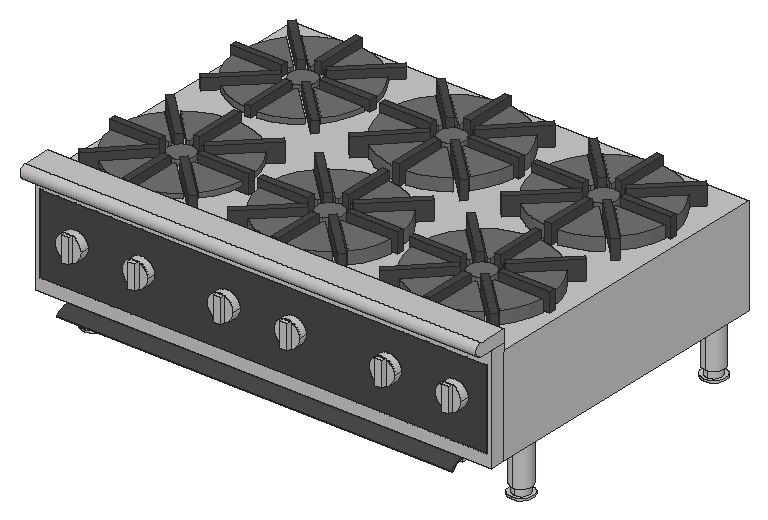
Revit family "QF_Vollrath_40738", category Specialty Equipment, Revit 2016 (continued)
Automatic sketch dimensions
  curve 332 to curve 333 = 0' - 0"  (x2)
  curve 332 to curve 334 = 0' - 0"  (x2)
  curve 332 to curve 335 = 0' - 0"  (x2)
  curve 332 to curve 336 = 0' - 0"  (x2)
  curve 332 to curve 337 = 0' - 0"  (x2)
  curve 332 to curve 338 = 0' - 0"  (x2)
  curve 332 to curve 339 = 0' - 0"  (x2)
  curve 332 to curve 349 = 0' - 0"  (x2)
  curve 332 to curve 350 = 0' - 0"  (x2)
  curve 332 to curve 356 = 0' - 0"  (x2)
  curve 332 to curve 358 = 0' - 0"  (x2)
  curve 332 to curve 366 = 0' - 0"  (x2)
  curve 332 to curve 376 = 0' - 0"  (x2)
  curve 332 to curve 382 = 0' - 0"  (x2)
  curve 332 to curve 388 = 0' - 0"  (x2)
  curve 332 to curve 395 = 0' - 0"  (x2)
  curve 332 to curve 396 = 0' - 0"  (x2)
  curve 333 to curve 334 = 0' - 0"  (x2)
  curve 333 to curve 335 = 0' - 0"  (x2)
  curve 333 to curve 336 = 0' - 0"  (x2)
  curve 333 to curve 337 = 0' - 0"  (x2)
  curve 333 to curve 338 = 0' - 0"  (x2)
  curve 333 to curve 339 = 0' - 0"  (x2)
  curve 333 to curve 349 = 0' - 0"  (x2)
  curve 333 to curve 350 = 0' - 0"  (x2)
  curve 333 to curve 356 = 0' - 0"  (x2)
  curve 333 to curve 358 = 0' - 0"  (x2)
  curve 333 to curve 366 = 0' - 0"  (x2)
  curve 333 to curve 376 = 0' - 0"  (x2)
  curve 333 to curve 382 = 0' - 0"  (x2)
  curve 333 to curve 388 = 0' - 0"  (x2)
  curve 333 to curve 395 = 0' - 0"  (x2)
  curve 333 to curve 396 = 0' - 0"  (x2)
  curve 334 to curve 335 = 0' - 0"  (x2)
  curve 334 to curve 336 = 0' - 0"  (x2)
  curve 334 to curve 337 = 0' - 0"  (x2)
  curve 334 to curve 338 = 0' - 0"  (x2)
  curve 334 to curve 339 = 0' - 0"  (x2)
  curve 334 to curve 349 = 0' - 0"  (x2)
  curve 334 to curve 350 = 0' - 0"  (x2)
  curve 334 to curve 356 = 0' - 0"  (x2)
  curve 334 to curve 358 = 0' - 0"  (x2)
  curve 334 to curve 366 = 0' - 0"  (x2)
  curve 334 to curve 376 = 0' - 0"  (x2)
  curve 334 to curve 382 = 0' - 0"  (x2)
  curve 334 to curve 388 = 0' - 0"  (x2)
  curve 334 to curve 395 = 0' - 0"  (x2)
  curve 334 to curve 396 = 0' - 0"  (x2)
  curve 335 to curve 336 = 0' - 0"  (x2)
  curve 335 to curve 337 = 0' - 0"  (x2)
  curve 335 to curve 338 = 0' - 0"  (x2)
  curve 335 to curve 339 = 0' - 0"  (x2)
  curve 335 to curve 349 = 0' - 0"  (x2)
  curve 335 to curve 350 = 0' - 0"  (x2)
  curve 335 to curve 356 = 0' - 0"  (x2)
  curve 335 to curve 358 = 0' - 0"  (x2)
  curve 335 to curve 366 = 0' - 0"  (x2)
  curve 335 to curve 376 = 0' - 0"  (x2)
  curve 335 to curve 382 = 0' - 0"  (x2)
  curve 335 to curve 388 = 0' - 0"  (x2)
  curve 335 to curve 395 = 0' - 0"  (x2)
  curve 335 to curve 396 = 0' - 0"  (x2)
  curve 336 to curve 337 = 0' - 0"  (x2)
  curve 336 to curve 338 = 0' - 0"  (x2)
  curve 336 to curve 339 = 0' - 0"  (x2)
  curve 336 to curve 349 = 0' - 0"  (x2)
  curve 336 to curve 350 = 0' - 0"  (x2)
  curve 336 to curve 356 = 0' - 0"  (x2)
  curve 336 to curve 358 = 0' - 0"  (x2)
  curve 336 to curve 366 = 0' - 0"  (x2)
  curve 336 to curve 376 = 0' - 0"  (x2)
  curve 336 to curve 382 = 0' - 0"  (x2)
  curve 336 to curve 388 = 0' - 0"  (x2)
  curve 336 to curve 395 = 0' - 0"  (x2)
  curve 336 to curve 396 = 0' - 0"  (x2)
  curve 337 to curve 338 = 0' - 0"  (x2)
  curve 337 to curve 339 = 0' - 0"  (x2)
  curve 337 to curve 349 = 0' - 0"  (x2)
  curve 337 to curve 350 = 0' - 0"  (x2)
  curve 337 to curve 356 = 0' - 0"  (x2)
  curve 337 to curve 358 = 0' - 0"  (x2)
  curve 337 to curve 366 = 0' - 0"  (x2)
  curve 337 to curve 376 = 0' - 0"  (x2)
  curve 337 to curve 382 = 0' - 0"  (x2)
  curve 337 to curve 388 = 0' - 0"  (x2)
  curve 337 to curve 395 = 0' - 0"  (x2)
  curve 337 to curve 396 = 0' - 0"  (x2)
  curve 338 to curve 339 = 0' - 0"  (x2)
  curve 338 to curve 349 = 0' - 0"  (x2)
  curve 338 to curve 350 = 0' - 0"  (x2)
  curve 338 to curve 356 = 0' - 0"  (x2)
  curve 338 to curve 358 = 0' - 0"  (x2)
  curve 338 to curve 366 = 0' - 0"  (x2)
  curve 338 to curve 376 = 0' - 0"  (x2)
  curve 338 to curve 382 = 0' - 0"  (x2)
  curve 338 to curve 388 = 0' - 0"  (x2)
  curve 338 to curve 395 = 0' - 0"  (x2)
  curve 338 to curve 396 = 0' - 0"  (x2)
  curve 339 to curve 349 = 0' - 0"  (x2)
  curve 339 to curve 350 = 0' - 0"  (x2)
  curve 339 to curve 356 = 0' - 0"  (x2)
  curve 339 to curve 358 = 0' - 0"  (x2)
  curve 339 to curve 366 = 0' - 0"  (x2)
  curve 339 to curve 376 = 0' - 0"  (x2)
  curve 339 to curve 382 = 0' - 0"  (x2)
  curve 339 to curve 388 = 0' - 0"  (x2)
  curve 339 to curve 395 = 0' - 0"  (x2)
  curve 339 to curve 396 = 0' - 0"  (x2)
  curve 349 to curve 350 = 0' - 0"  (x2)
  curve 349 to curve 356 = 0' - 0"  (x2)
  curve 349 to curve 358 = 0' - 0"  (x2)
  curve 349 to curve 366 = 0' - 0"  (x2)
  curve 349 to curve 376 = 0' - 0"  (x2)
  curve 349 to curve 382 = 0' - 0"  (x2)
  curve 349 to curve 388 = 0' - 0"  (x2)
  curve 349 to curve 395 = 0' - 0"  (x2)
  curve 349 to curve 396 = 0' - 0"  (x2)
  curve 350 to curve 356 = 0' - 0"  (x2)
  curve 350 to curve 358 = 0' - 0"  (x2)
  curve 350 to curve 366 = 0' - 0"  (x2)
  curve 350 to curve 376 = 0' - 0"  (x2)
  curve 350 to curve 382 = 0' - 0"  (x2)
  curve 350 to curve 388 = 0' - 0"  (x2)
  curve 350 to curve 395 = 0' - 0"  (x2)
  curve 350 to curve 396 = 0' - 0"  (x2)
  curve 356 to curve 358 = 0' - 0"  (x2)
  curve 356 to curve 366 = 0' - 0"  (x2)
  curve 356 to curve 376 = 0' - 0"  (x2)
  curve 356 to curve 382 = 0' - 0"  (x2)
  curve 356 to curve 388 = 0' - 0"  (x2)
  curve 356 to curve 395 = 0' - 0"  (x2)
  curve 356 to curve 396 = 0' - 0"  (x2)
  curve 358 to curve 366 = 0' - 0"  (x2)
  curve 358 to curve 376 = 0' - 0"  (x2)
  curve 358 to curve 382 = 0' - 0"  (x2)
  curve 358 to curve 388 = 0' - 0"  (x2)
  curve 358 to curve 395 = 0' - 0"  (x2)
  curve 358 to curve 396 = 0' - 0"  (x2)
  curve 366 to curve 376 = 0' - 0"  (x2)
  curve 366 to curve 382 = 0' - 0"  (x2)
  curve 366 to curve 388 = 0' - 0"  (x2)
  curve 366 to curve 395 = 0' - 0"  (x2)
  curve 366 to curve 396 = 0' - 0"  (x2)
  curve 376 to curve 382 = 0' - 0"  (x2)
  curve 376 to curve 388 = 0' - 0"  (x2)
  curve 376 to curve 395 = 0' - 0"  (x2)
  curve 376 to curve 396 = 0' - 0"  (x2)
  curve 382 to curve 388 = 0' - 0"  (x2)
  curve 382 to curve 395 = 0' - 0"  (x2)
  curve 382 to curve 396 = 0' - 0"  (x2)
  curve 388 to curve 395 = 0' - 0"  (x2)
  curve 388 to curve 396 = 0' - 0"  (x2)
  curve 395 to curve 396 = 0' - 0"  (x2)
  curve 1 to plane 4 "LEFT CLEARANCE" = 0' - 0"
  curve 1 to plane 7 "FRONT" = 0' - 0"
  curve 403 to plane 7 "FRONT" = 0' - 0"
  curve 5 to plane 5 "RIGHT CLEARANCE" = 0' - 0"
  curve 5 to plane 7 "FRONT" = 0' - 0"
  curve 406 to plane 9 "LEFT" = 0' - 0"
  curve 402 to plane 10 "RIGHT" = 0' - 0"
  curve 407 to plane 11 "BACK" = 0' - 0"
  curve 3 to plane 6 "BACK CLEARANCE" = 0' - 0"
  curve 3 to plane 10 "RIGHT" = 0' - 0"
  curve 3 to plane 9 "LEFT" = 0' - 0"
  curve 403 to curve 406 = 0' - 1.95401"
  plane 7 "FRONT" to curve 255 = 0' - 3.0514"
  plane 7 "FRONT" to curve 385 = 0' - 3.0514"
  curve 328 to plane 15 = 0' - 0.00674"
  plane 7 "FRONT" to curve 328 = 0' - 3.0514"
  curve 384 to curve 379 = 0' - 0 5/16"
  curve 320 to curve 271 = 0' - 0 5/16"
  curve 254 to curve 207 = 0' - 0 5/16"
  curve 385 to curve 336 = 0' - 0 5/16"
  curve 255 to curve 206 = 0' - 0 5/16"
  curve 319 to curve 272 = 0' - 0 5/16"
  curve 272 to curve 329 = 0' - 0.51055"
  curve 271 to curve 327 = 0' - 0.51055"
  plane 10 "RIGHT" to curve 260 = 0' - 1.91987"
  curve 402 to curve 260 = 0' - 1.92044"
  plane 14 to curve 394 = 0' - 0.62769"
  curve 402 to curve 394 = 0' - 1.92044"
  plane 16 to curve 392 = 0' - 0.64116"
  curve 392 to curve 287 = 0' - 0"
  curve 222 to plane 68 = 0' - 0.93334"
  curve 325 to curve 222 = 0' - 0"
  plane 16 to curve 391 = 0' - 0.99471"
  curve 390 to curve 391 = 0' - 0.35355"
  plane 68 to curve 326 = 0' - 2.06632"
  curve 325 to curve 326 = 0' - 0.35355"
  curve 264 to plane 68 = 0' - 0.57979"
  curve 222 to curve 264 = 0' - 0.35355"
  plane 14 to curve 394 = 0' - 0.98124"
  curve 352 to curve 394 = 0' - 0.35355"
  plane 10 "RIGHT" to curve 262 = 0' - 1.56632"
  curve 260 to curve 262 = 0' - 0.35355"
  plane 16 to curve 329 = 0' - 3.39082"
  curve 287 to curve 329 = 0' - 0.35355"
  curve 222 to curve 207 = 0' - 0.65528"
  curve 287 to curve 272 = 0' - 0.65528"
  curve 260 to curve 206 = 0' - 0.65528"
  curve 336 to plane 16 = 0' - 0.36767"
  curve 390 to curve 336 = 0' - 0.65528"
  curve 325 to curve 271 = 0' - 0.65528"
  curve 380 to plane 14 = 0' - 0.38114"
  curve 352 to curve 380 = 0' - 0.65528"
  plane 14 to curve 353 = 0' - 0.32597"
  curve 380 to curve 353 = 0' - 0.70711"
  curve 206 to curve 205 = 0' - 0.70711"
  curve 250 to curve 208 = 0' - 0.70711"
  curve 271 to curve 313 = 0' - 0.70711"
  curve 315 to curve 273 = 0' - 0.70711"
  plane 16 to curve 378 = 0' - 0.33944"
  curve 336 to curve 378 = 0' - 0.70711"
  curve 206 to curve 253 = 0' - 3 11/16"
  curve 271 to curve 320 = 0' - 3 11/16"
  curve 336 to curve 383 = 0' - 3 11/16"
  curve 253 to curve 256 = 0' - 0.0858"
  curve 318 to curve 323 = 0' - 0.0858"
  curve 318 to curve 317 = 0' - 0.0858"
  curve 383 to curve 382 = 0' - 0.0858"
  curve 383 to curve 386 = 0' - 0.0858"
  curve 253 to curve 249 = 0' - 0.0858"
  plane 15 to curve 315 = 0' - 0.8897"
  curve 317 to curve 315 = 0' - 0.06066"
  curve 252 to curve 252 = 0' - 0.06066"
  curve 386 to curve 388 = 0' - 0.06066"
  plane 10 "RIGHT" to curve 257 = 0' - 5.59683"
  curve 256 to curve 257 = 0' - 0.06066"
  curve 380 to plane 14 = 0' - 3.04927"
  curve 382 to curve 380 = 0' - 0.06066"
  curve 323 to curve 323 = 0' - 0.06066"
  curve 251 to plane 68 = 0' - 4.43352"
  plane 10 "RIGHT" to curve 259 = 0' - 5.42005"
  curve 389 to plane 16 = 0' - 2.85902"
  plane 15 to curve 316 = 0' - 1.06648"
  curve 317 to curve 316 = 0' - 0.17678"
  curve 324 to plane 15 = 0' - 0.57995"
  curve 323 to curve 324 = 0' - 0.17678"
  curve 352 to plane 14 = 0' - 2.87249"
  curve 318 to curve 284 = 0' - 0 1/2"
  curve 253 to curve 219 = 0' - 0 1/2"
  curve 383 to curve 350 = 0' - 0 1/2"
  curve 286 to curve 331 = 0' - 0.17678"
  curve 259 to curve 265 = 0' - 0.17678"
  curve 353 to plane 14 = 0' - 2.34216"
  curve 351 to curve 353 = 0' - 0.17678"
  curve 389 to curve 395 = 0' - 0.17678"
  curve 324 to curve 330 = 0' - 0.17678"
  curve 223 to plane 68 = 0' - 3.90319"
  curve 221 to curve 223 = 0' - 0.17678"
  curve 208 to plane 68 = 0' - 0.06924"
  curve 208 to curve 208 = 0' - 2.81456"
  curve 273 to curve 281 = 0' - 2.81456"
  curve 395 to curve 395 = 0' - 0.14644"
  plane 10 "RIGHT" to curve 205 = 0' - 1.05576"
  curve 205 to curve 205 = 0' - 2.81456"
  plane 9 "LEFT" to curve 346 = 0' - 0.81924"
  curve 338 to curve 346 = 0' - 2.81456"
  curve 270 to curve 216 = 0' - 0"
  curve 338 to curve 355 = 0' - 0 1/4"
  curve 208 to curve 218 = 0' - 0 1/4"
  curve 205 to curve 243 = 0' - 0 1/4"
  curve 273 to curve 283 = 0' - 0 1/4"
  curve 335 to curve 373 = 0' - 0 1/4"
  curve 330 to curve 310 = 0' - 0 1/4"
  plane 15 to curve 301 = 0' - 0.24326"
  curve 284 to curve 301 = 0' - 1"
  curve 219 to curve 252 = 0' - 1"
  curve 283 to curve 289 = 0' - 0 1/2"
  curve 373 to curve 372 = 0' - 0 1/2"
  curve 243 to curve 242 = 0' - 0 1/2"
  plane 68 to curve 225 = 0' - 0.24326"
  curve 218 to curve 225 = 0' - 0 1/2"
  curve 309 to curve 310 = 0' - 0 1/2"
  curve 348 to curve 347 = 0' - 0 1/2"
  curve 242 to curve 204 = 0' - 0 1/4"
  curve 347 to curve 356 = 0' - 0 1/4"
  curve 282 to curve 279 = 0' - 0 1/4"
  curve 214 to plane 68 = 0' - 0.06924"
  curve 217 to curve 214 = 0' - 0 1/4"
  curve 307 to curve 306 = 0' - 0 1/4"
  curve 372 to curve 371 = 0' - 0 1/4"
  curve 291 to curve 291 = 0' - 0.14644"
  curve 376 to curve 376 = 0' - 0.14644"
  curve 226 to curve 226 = 0' - 0.14644"
  plane 10 "RIGHT" to curve 240 = 0' - 4.88972"
  curve 246 to curve 240 = 0' - 0.14644"
  curve 311 to curve 311 = 0' - 0.14644"
  curve 356 to curve 356 = 0' - 0.14644"
  curve 226 to curve 210 = 0' - 0.17678"
  curve 357 to plane 14 = 0' - 2.51894"
  curve 356 to curve 357 = 0' - 0.17678"
  curve 246 to curve 237 = 0' - 0.17678"
  curve 303 to plane 15 = 0' - 0.9335"
  curve 311 to curve 303 = 0' - 0.17678"
  plane 15 to curve 275 = 0' - 1.42003"
  curve 291 to curve 275 = 0' - 0.17678"
  curve 367 to plane 16 = 0' - 2.50547"
  curve 376 to curve 367 = 0' - 0.17678"
  curve 365 to plane 16 = 0' - 2.85902"
  curve 367 to curve 365 = 0' - 0.35355"
  plane 15 to curve 292 = 0' - 1.06648"
  curve 275 to curve 292 = 0' - 0.35355"
  curve 227 to plane 68 = 0' - 4.43352"
  curve 210 to curve 227 = 0' - 0.35355"
  plane 10 "RIGHT" to curve 235 = 0' - 5.42005"
  curve 237 to curve 235 = 0' - 0.35355"
  curve 300 to plane 15 = 0' - 0.57995"
  curve 302 to curve 300 = 0' - 0.35355"
  curve 357 to plane 14 = 0' - 2.87249"
  curve 340 to curve 357 = 0' - 0.35355"
  plane 15 to curve 278 = 0' - 0.8897"
  curve 276 to curve 278 = 0' - 0.17678"
  curve 365 to curve 366 = 0' - 0.17678"
  plane 10 "RIGHT" to curve 234 = 0' - 5.59683"
  curve 235 to curve 234 = 0' - 0.17678"
  curve 300 to curve 301 = 0' - 0.17678"
  curve 341 to curve 358 = 0' - 0.17678"
  curve 213 to plane 68 = 0' - 4.6103"
  curve 211 to curve 213 = 0' - 0.17678"
  curve 228 to curve 212 = 0' - 0.06066"
  curve 358 to curve 342 = 0' - 0.06066"
  curve 293 to curve 277 = 0' - 0.06066"
  curve 236 to curve 236 = 0' - 0.06066"
  curve 301 to curve 301 = 0' - 0.06066"
  curve 366 to curve 366 = 0' - 0.06066"
  curve 293 to curve 295 = 0' - 0.0858"
  curve 228 to curve 230 = 0' - 0.0858"
  curve 358 to curve 359 = 0' - 0.0858"
  plane 10 "RIGHT" to curve 240 = 0' - 2.22159"
  curve 204 to curve 240 = 0' - 2.81456"
  plane 16 to curve 370 = 0' - 0.33944"
  curve 334 to curve 370 = 0' - 2.81456"
  curve 269 to curve 269 = 0' - 2.81456"
  plane 14 to curve 345 = 0' - 0.32597"
  curve 339 to curve 345 = 0' - 2.81456"
  curve 274 to curve 274 = 0' - 2.81456"
  curve 209 to plane 68 = 0' - 1.23507"
  curve 209 to curve 209 = 0' - 2.81456"
  curve 213 to plane 68 = 0' - 1.94217"
  curve 209 to curve 213 = 0' - 0.70711"
  plane 10 "RIGHT" to curve 234 = 0' - 2.9287"
  curve 204 to curve 234 = 0' - 0.70711"
  curve 299 to plane 15 = 0' - 3.0713"
  curve 269 to curve 299 = 0' - 0.70711"
  curve 343 to plane 14 = 0' - 0.38114"
  curve 339 to curve 343 = 0' - 0.70711"
  curve 274 to curve 267 = 0' - 0.70711"
  curve 364 to plane 16 = 0' - 0.36767"
  curve 334 to curve 364 = 0' - 0.70711"
  plane 14 to curve 397 = 0' - 0.98124"
  plane 10 "RIGHT" to curve 238 = 0' - 1.56632"
  curve 240 to curve 238 = 0' - 1.00883"
  curve 399 to plane 68 = 0' - 0.57979"
  curve 215 to curve 399 = 0' - 1.00883"
  plane 16 to curve 275 = 0' - 3.39082"
  plane 16 to curve 369 = 0' - 0.99471"
  plane 68 to curve 304 = 0' - 2.06632"
  curve 332 to curve 332 = 0' - 1.16583"
  curve 268 to plane 15 = 0' - 0.25674"
  curve 267 to curve 298 = 0' - 0"
  curve 342 to curve 333 = 0' - 0"
  curve 202 to curve 232 = 0' - 0 5/16"
  curve 267 to curve 295 = 0' - 0 5/16"
  curve 333 to curve 361 = 0' - 0 5/16"
  curve 231 to curve 190 = 0' - 1"
  plane 15 to curve 124 = 0' - 0.49326"
  curve 295 to curve 124 = 0' - 1"
  curve 360 to curve 67 = 0' - 1"
  curve 189 to curve 184 = 0' - 0 5/16"
  curve 58 to curve 11 = 0' - 0 5/16"
  curve 124 to curve 119 = 0' - 0 5/16"
  curve 125 to curve 76 = 0' - 0 5/16"
  curve 59 to curve 10 = 0' - 0 5/16"
  curve 190 to curve 191 = 0' - 0 5/16"
  plane 16 to curve 66 = 0' - 0.64116"
  curve 365 to curve 66 = 0' - 2.64611"
  curve 199 to plane 68 = 0' - 0.93334"
  curve 211 to curve 199 = 0' - 2.64611"
  plane 14 to curve 68 = 0' - 0.62769"
  curve 341 to curve 68 = 0' - 2.64611"
  plane 10 "RIGHT" to curve 195 = 0' - 1.91987"
  curve 235 to curve 195 = 0' - 2.64611"
  plane 68 to curve 130 = 0' - 2.41987"
  curve 300 to curve 130 = 0' - 2.64611"
  plane 16 to curve 92 = 0' - 3.74438"
  curve 276 to curve 92 = 0' - 2.64611"
  curve 199 to plane 68 = 0' - 0.57979"
  curve 157 to curve 199 = 0' - 0.35355"
  plane 68 to curve 132 = 0' - 2.06632"
  curve 130 to curve 132 = 0' - 0.35355"
  plane 16 to curve 65 = 0' - 0.99471"
  curve 64 to curve 65 = 0' - 0.35355"
  plane 16 to curve 91 = 0' - 3.39082"
  curve 92 to curve 91 = 0' - 0.35355"
  plane 10 "RIGHT" to curve 196 = 0' - 1.56632"
  curve 195 to curve 196 = 0' - 0.35355"
  plane 14 to curve 25 = 0' - 0.98124"
  curve 26 to curve 25 = 0' - 0.35355"
  curve 11 to plane 14 = 0' - 0.38114"
  curve 26 to curve 11 = 0' - 0.65528"
  curve 195 to curve 141 = 0' - 0.65528"
  curve 157 to curve 142 = 0' - 0.65528"
  curve 127 to plane 15 = 0' - 3.0713"
  curve 130 to curve 127 = 0' - 0.65528"
  curve 10 to plane 16 = 0' - 0.36767"
  curve 64 to curve 10 = 0' - 0.65528"
  plane 15 to curve 120 = 0' - 3.55783"
  curve 92 to curve 120 = 0' - 0.65528"
  plane 14 to curve 27 = 0' - 0.32597"
  curve 54 to curve 27 = 0' - 0.70711"
  curve 76 to curve 75 = 0' - 0.70711"
  plane 10 "RIGHT" to curve 183 = 0' - 2.22159"
  curve 192 to curve 183 = 0' - 0.70711"
  plane 16 to curve 93 = 0' - 4.0461"
  curve 120 to curve 93 = 0' - 0.70711"
  curve 158 to plane 68 = 0' - 1.23507"
  curve 185 to curve 158 = 0' - 0.70711"
  plane 16 to curve 52 = 0' - 0.33944"
  curve 10 to curve 52 = 0' - 0.70711"
  curve 10 to curve 59 = 0' - 3 11/16"
  curve 123 to plane 15 = 0' - 0.00674"
  curve 76 to curve 123 = 0' - 3 11/16"
  curve 184 to curve 188 = 0' - 3 11/16"
  curve 57 to curve 56 = 0' - 0.0858"
  curve 188 to curve 191 = 0' - 0.0858"
  curve 123 to curve 119 = 0' - 0.0858"
  curve 188 to curve 184 = 0' - 0.0858"
  curve 57 to curve 62 = 0' - 0.0858"
  curve 123 to curve 128 = 0' - 0.0858"
  curve 127 to plane 15 = 0' - 0.40317"
  curve 126 to curve 127 = 0' - 0.06066"
  curve 191 to curve 193 = 0' - 0.06066"
  curve 54 to plane 14 = 0' - 3.04927"
  curve 53 to curve 54 = 0' - 0.06066"
  plane 15 to curve 120 = 0' - 0.8897"
  curve 122 to curve 120 = 0' - 0.06066"
  curve 61 to plane 16 = 0' - 3.0358"
  curve 62 to curve 61 = 0' - 0.06066"
  curve 187 to curve 187 = 0' - 0.06066"
  curve 55 to plane 14 = 0' - 2.87249"
  plane 15 to curve 121 = 0' - 1.06648"
  plane 10 "RIGHT" to curve 194 = 0' - 5.42005"
  curve 186 to plane 68 = 0' - 4.43352"
  curve 63 to plane 16 = 0' - 2.85902"
  curve 129 to plane 15 = 0' - 0.57995"
  curve 123 to curve 90 = 0' - 0 1/2"
  curve 188 to curve 154 = 0' - 0 1/2"
  curve 57 to curve 24 = 0' - 0 1/2"
  curve 156 to curve 158 = 0' - 0.17678"  (x2)
  curve 91 to curve 136 = 0' - 0.17678"  (x2)
  curve 194 to curve 183 = 0' - 0.17678"
  curve 129 to curve 135 = 0' - 0.17678"
  curve 63 to curve 69 = 0' - 0.17678"
  curve 27 to plane 14 = 0' - 2.34216"
  curve 25 to curve 27 = 0' - 0.17678"
  curve 69 to curve 51 = 0' - 0.14644"
  curve 143 to plane 68 = 0' - 0.06924"
  curve 143 to curve 143 = 0' - 2.81456"
  curve 200 to curve 182 = 0' - 0.14644"
  curve 9 to curve 78 = 0' - 0"
  curve 75 to curve 151 = 0' - 0"
  plane 9 "LEFT" to curve 12 = 0' - 0.81924"
  curve 136 to curve 88 = 0' - 0 1/4"
  curve 12 to curve 22 = 0' - 0 1/4"
  curve 75 to curve 113 = 0' - 0 1/4"
  curve 69 to curve 49 = 0' - 0 1/4"
  curve 200 to curve 180 = 0' - 0 1/4"
  curve 143 to curve 160 = 0' - 0 1/4"
  curve 154 to curve 137 = 0' - 1"
  plane 68 to curve 152 = 0' - 0.24326"
  curve 153 to curve 152 = 0' - 0 1/2"
  curve 22 to curve 21 = 0' - 0 1/2"
  curve 178 to curve 177 = 0' - 0 1/2"
  curve 88 to curve 87 = 0' - 0 1/2"
  curve 47 to curve 46 = 0' - 0 1/2"
  curve 113 to curve 112 = 0' - 0 1/2"
  curve 144 to plane 68 = 0' - 0.06924"
  curve 152 to curve 144 = 0' - 0 1/4"
  curve 112 to curve 116 = 0' - 0 1/4"
  curve 46 to curve 50 = 0' - 0 1/4"
  curve 87 to curve 96 = 0' - 0 1/4"
  curve 21 to curve 30 = 0' - 0 1/4"
  curve 177 to curve 176 = 0' - 0 1/4"
  curve 116 to curve 116 = 0' - 0.14644"
  curve 96 to curve 96 = 0' - 0.14644"
  curve 176 to curve 181 = 0' - 0.14644"
  curve 161 to curve 150 = 0' - 0.14644"
  curve 19 to plane 14 = 0' - 2.34216"
  curve 30 to curve 19 = 0' - 0.14644"
  curve 44 to plane 16 = 0' - 2.32869"
  curve 50 to curve 44 = 0' - 0.14644"
  curve 107 to plane 15 = 0' - 0.9335"
  curve 116 to curve 107 = 0' - 0.17678"
  curve 161 to curve 145 = 0' - 0.17678"
  plane 15 to curve 80 = 0' - 1.42003"
  curve 96 to curve 80 = 0' - 0.17678"
  curve 30 to curve 31 = 0' - 0.17678"
  curve 50 to curve 41 = 0' - 0.17678"
  curve 181 to curve 173 = 0' - 0.17678"
  curve 15 to plane 14 = 0' - 2.87249"
  curve 14 to curve 15 = 0' - 0.35355"
  curve 172 to curve 170 = 0' - 0.35355"
  plane 15 to curve 97 = 0' - 1.06648"
  curve 80 to curve 97 = 0' - 0.35355"
  curve 145 to curve 146 = 0' - 0.35355"
  curve 41 to plane 16 = 0' - 2.85902"
  curve 41 to curve 41 = 0' - 0.35355"
  curve 105 to plane 15 = 0' - 0.57995"
  curve 107 to curve 105 = 0' - 0.35355"
  curve 39 to curve 38 = 0' - 0.17678"
  curve 15 to curve 32 = 0' - 0.17678"
  curve 105 to curve 106 = 0' - 0.17678"
  curve 170 to curve 171 = 0' - 0.17678"
  curve 146 to curve 148 = 0' - 0.17678"
  plane 15 to curve 83 = 0' - 0.8897"
  curve 81 to curve 83 = 0' - 0.17678"
  curve 98 to curve 82 = 0' - 0.06066"
  curve 32 to curve 32 = 0' - 0.06066"
  curve 148 to curve 147 = 0' - 0.06066"
  curve 38 to curve 40 = 0' - 0.06066"
  curve 106 to curve 106 = 0' - 0.06066"
  curve 171 to curve 168 = 0' - 0.06066"
  curve 147 to curve 165 = 0' - 0.0858"
  curve 101 to plane 15 = 0' - 0.00674"
  curve 106 to curve 101 = 0' - 0.0858"
  curve 37 to curve 35 = 0' - 0.0858"
  curve 144 to plane 68 = 0' - 1.23507"
  plane 14 to curve 19 = 0' - 0.32597"
  curve 13 to curve 19 = 0' - 2.81456"
  plane 16 to curve 44 = 0' - 0.33944"
  curve 8 to curve 44 = 0' - 2.81456"
  curve 74 to curve 110 = 0' - 2.81456"
  curve 79 to curve 85 = 0' - 2.81456"
  curve 139 to curve 139 = 0' - 2.81456"
  curve 139 to curve 169 = 0' - 0.70711"
  curve 7 to plane 16 = 0' - 0.36767"
  curve 8 to curve 7 = 0' - 0.70711"
  curve 79 to curve 83 = 0' - 0.70711"
  curve 74 to curve 73 = 0' - 0.70711"
  curve 144 to curve 148 = 0' - 0.70711"
  curve 17 to plane 14 = 0' - 0.38114"
  curve 13 to curve 17 = 0' - 0.70711"
  curve 85 to curve 401 = 0' - 1.00883"
  curve 400 to plane 68 = 0' - 0.57979"
  curve 150 to curve 400 = 0' - 1.00883"
  curve 175 to curve 173 = 0' - 1.00883"
  curve 44 to curve 42 = 0' - 1.00883"
  plane 68 to curve 109 = 0' - 2.06632"
  curve 19 to curve 71 = 0' - 1.00883"
  curve 82 to plane 11 "BACK" = 0' - 1.2611"
  curve 16 to plane 11 "BACK" = 0' - 1.2611"
  curve 73 to plane 15 = 0' - 0.25674"
  curve 82 to curve 73 = 0' - 0"
  curve 16 to curve 37 = 0' - 0"
  curve 138 to plane 11 "BACK" = 0' - 1.2611"
  curve 147 to curve 168 = 0' - 0"
  curve 138 to curve 166 = 0' - 0 5/16"
  curve 72 to curve 102 = 0' - 0 5/16"
  curve 6 to curve 36 = 0' - 0 5/16"
  curve 242 to curve 241 = 0' - 0 5/16"
  curve 179 to curve 140 = 0' - 0 5/16"
  curve 177 to curve 139 = 0' - 0 5/16"
  curve 174 to curve 175 = 0' - 0.65528"
  curve 173 to curve 174 = 0' - 0.35355"
  curve 139 to curve 138 = 0' - 0.70711"
  curve 183 to curve 192 = 0' - 0.70711"
  curve 180 to curve 172 = 0' - 0.32323"
  curve 245 to curve 259 = 0' - 0.32323"
  curve 179 to curve 182 = 0' - 0.0858"
  curve 177 to curve 181 = 0' - 0.0858"
  curve 244 to curve 265 = 0' - 0.0858"
  curve 171 to curve 164 = 0' - 0 1/4"
  curve 193 to curve 188 = 0' - 0 1/4"
  curve 203 to curve 232 = 0' - 0 1/4"
  curve 256 to curve 263 = 0' - 0 1/4"
  curve 190 to curve 198 = 0' - 0 1/2"
  curve 255 to curve 263 = 0' - 0 1/2"
  curve 229 to curve 228 = 0' - 0 1/4"
  curve 164 to curve 164 = 0' - 0 1/2"
  curve 189 to curve 184 = 0' - 0 1/4"
  curve 253 to curve 249 = 0' - 0 1/4"
  curve 164 to curve 163 = 0' - 0 1/4"
  curve 148 to curve 146 = 0' - 0.17678"
  curve 210 to curve 215 = 0' - 0.17678"
  curve 145 to curve 150 = 0' - 0.17678"
  curve 266 to curve 218 = 0' - 0.0858"
  curve 149 to curve 152 = 0' - 0.0858"
  curve 217 to curve 308 = 0' - 1"
  curve 153 to curve 114 = 0' - 1"
  curve 307 to curve 306 = 0' - 0 5/16"
  curve 112 to curve 74 = 0' - 0 5/16"
  curve 113 to curve 75 = 0' - 0 5/16"
  curve 308 to curve 270 = 0' - 0 5/16"
  curve 313 to curve 271 = 0' - 0.70711"
  curve 115 to curve 129 = 0' - 0.32323"
  curve 307 to curve 302 = 0' - 0.32323"
  curve 114 to curve 135 = 0' - 0.0858"
  curve 309 to curve 312 = 0' - 0.0858"
  curve 307 to curve 311 = 0' - 0.0858"
  curve 112 to curve 116 = 0' - 0.0858"
  curve 296 to plane 15 = 0' - 0.00674"
  curve 102 to curve 72 = 0' - 0 1/4"
  curve 328 to curve 272 = 0' - 0 1/4"
  curve 297 to curve 267 = 0' - 0 1/4"
  curve 286 to curve 288 = 0' - 0.17678"
  curve 80 to curve 96 = 0' - 0.17678"
  curve 275 to curve 291 = 0' - 0.17678"
  curve 84 to curve 94 = 0' - 0.0858"
  curve 331 to curve 283 = 0' - 0.0858"
  curve 83 to curve 79 = 0' - 0.70711"
  curve 278 to curve 274 = 0' - 0.70711"
  curve 315 to curve 288 = 0' - 0.70711"
  curve 273 to curve 283 = 0' - 0 5/16"
  curve 84 to curve 87 = 0' - 0 5/16"
  curve 47 to curve 45 = 0' - 0 5/16"
  curve 373 to curve 371 = 0' - 0 5/16"
  plane 16 to curve 42 = 0' - 0.99471"
  curve 375 to curve 389 = 0' - 0.32323"
  curve 48 to curve 63 = 0' - 0.32323"
  curve 48 to curve 69 = 0' - 0.0858"
  curve 374 to curve 377 = 0' - 0.0858"
  curve 372 to curve 376 = 0' - 0.0858"
  curve 7 to curve 36 = 0' - 0 1/4"
  curve 386 to curve 393 = 0' - 0 1/4"
  curve 60 to curve 59 = 0' - 0 1/4"
  curve 366 to curve 359 = 0' - 0 1/4"
  curve 359 to curve 358 = 0' - 0 1/4"
  curve 384 to curve 337 = 0' - 0 1/4"
  curve 58 to curve 11 = 0' - 0 1/4"
  curve 36 to curve 6 = 0' - 0 1/4"
  curve 14 to curve 30 = 0' - 0.17678"
  curve 340 to curve 356 = 0' - 0.17678"
  curve 344 to curve 354 = 0' - 0.0858"
  curve 18 to curve 21 = 0' - 0.0858"
  curve 18 to curve 21 = 0' - 0 5/16"
  curve 344 to curve 347 = 0' - 0 5/16"
  Extrusion 13 sketch curve to plane 4 "LEFT CLEARANCE" = 0' - 0"
  Extrusion 13 sketch curve to plane 7 "FRONT" = 0' - 0"
  Extrusion 13 sketch curve to plane 6 "BACK CLEARANCE" = 0' - 0"
  Extrusion 13 sketch curve to plane 9 "LEFT" = 0' - 0"
  Extrusion 14 sketch curve to plane 7 "FRONT" = 0' - 0"
  Extrusion 14 sketch curve to plane 6 "BACK CLEARANCE" = 0' - 0"
  Extrusion 14 sketch curve to plane 5 "RIGHT CLEARANCE" = 0' - 0"
  Extrusion 14 sketch curve to plane 10 "RIGHT" = 0' - 0"
  Extrusion 15 sketch curve to plane 9 "LEFT" = 0' - 0"
  Extrusion 15 sketch curve to plane 11 "BACK" = 0' - 0"
  Extrusion 15 sketch curve to plane 6 "BACK CLEARANCE" = 0' - 0"
  Extrusion 15 sketch curve to plane 10 "RIGHT" = 0' - 0"
  Extrusion 16 sketch curve to plane 20 = 0' - 0"
  Extrusion 16 sketch curve to plane 21 = 0' - 0"  (x2)
  plane 22 to Extrusion 16 sketch curve = 0' - 0"
  Extrusion 16 sketch curve to plane 22 = 0' - 0"
  Extrusion 16 sketch curve to plane 17 = 0' - 0"
  Extrusion 16 sketch curve to plane 18 = 0' - 0"
  Extrusion 16 sketch curve to plane 23 = 0' - 0"
  Extrusion 16 sketch curve to plane 24 = 0' - 0"  (x2)
  plane 23 to Extrusion 16 sketch curve = 0' - 0"
  Extrusion 16 sketch curve to plane 19 = 0' - 0"
  plane 16 to Extrusion 16 sketch curve = 0' - 0.64116"
  plane 14 to Extrusion 16 sketch curve = 0' - 0.62769"
  Extrusion 16 sketch curve to plane 18 = 0' - 0.82305"
  plane 17 to Extrusion 16 sketch curve = 0' - 0.82305"
  Extrusion 16 sketch curve to Extrusion 16 sketch curve = 0' - 4"
  Extrusion 16 sketch curve to plane 16 = 0' - 2.85902"  (x2)
  Extrusion 16 sketch curve to plane 14 = 0' - 2.87249"  (x2)
  Extrusion 16 sketch curve to Extrusion 16 sketch curve = 0' - 0.57321"  (x4)
  Extrusion 16 sketch curve to Extrusion 16 sketch curve = 0' - 0 1/2"  (x4)
  Extrusion 16 sketch curve to Extrusion 16 sketch curve = 0' - 0.35355"  (x2)
  Extrusion 16 sketch curve to Extrusion 16 sketch curve = 0' - 0.32323"  (x3)
  Extrusion 16 sketch curve to plane 16 = 0' - 3.43223"  (x2)
  Extrusion 17 sketch curve to Extrusion 17 sketch curve = 0' - 0"  (x275)
  plane 7 "FRONT" to Extrusion 17 sketch curve = 0' - 3.3639"
  Extrusion 17 sketch curve to plane 14 = 0' - 0.38114"  (x2)
  Extrusion 17 sketch curve to Extrusion 17 sketch curve = 0' - 1.16583"  (x2)
  Extrusion 17 sketch curve to plane 16 = 0' - 0.36767"  (x2)
  plane 14 to Extrusion 17 sketch curve = 0' - 0.32597"  (x2)
  Extrusion 17 sketch curve to Extrusion 17 sketch curve = 0' - 0.70711"  (x9)
  plane 16 to Extrusion 17 sketch curve = 0' - 0.33944"  (x2)
  Extrusion 17 sketch curve to Extrusion 17 sketch curve = 0' - 3.7733"
  Extrusion 17 sketch curve to Extrusion 17 sketch curve = 0' - 0.06066"  (x4)
  Extrusion 17 sketch curve to plane 16 = 0' - 3.0358"  (x2)
  Extrusion 17 sketch curve to plane 14 = 0' - 2.34216"
  Extrusion 17 sketch curve to plane 16 = 0' - 2.32869"  (x2)
  Extrusion 17 sketch curve to Extrusion 17 sketch curve = 0' - 0.14644"  (x4)
  Extrusion 17 sketch curve to Extrusion 17 sketch curve = 0' - 0 1/2"
  Extrusion 17 sketch curve to Extrusion 17 sketch curve = 0' - 1"  (x2)
  Extrusion 17 sketch curve to Extrusion 17 sketch curve = 0' - 2.81456"  (x2)
  Extrusion 18 sketch curve to plane 28 = 0' - 0"
  Extrusion 18 sketch curve to plane 29 = 0' - 0"  (x2)
  plane 30 to Extrusion 18 sketch curve = 0' - 0"
  Extrusion 18 sketch curve to plane 30 = 0' - 0"
  Extrusion 18 sketch curve to plane 25 = 0' - 0"
  Extrusion 18 sketch curve to plane 26 = 0' - 0"
  Extrusion 18 sketch curve to plane 31 = 0' - 0"
  Extrusion 18 sketch curve to plane 32 = 0' - 0"  (x2)
  plane 31 to Extrusion 18 sketch curve = 0' - 0"
  Extrusion 18 sketch curve to plane 27 = 0' - 0"
  plane 16 to Extrusion 18 sketch curve = 0' - 0.64116"
  plane 14 to Extrusion 18 sketch curve = 0' - 0.62769"
  Extrusion 18 sketch curve to plane 26 = 0' - 0.82305"
  plane 25 to Extrusion 18 sketch curve = 0' - 0.82305"
  Extrusion 18 sketch curve to Extrusion 18 sketch curve = 0' - 4"
  Extrusion 18 sketch curve to plane 16 = 0' - 2.85902"  (x2)
  Extrusion 18 sketch curve to plane 14 = 0' - 2.87249"  (x2)
  Extrusion 18 sketch curve to Extrusion 18 sketch curve = 0' - 0.57321"  (x4)
  Extrusion 18 sketch curve to Extrusion 18 sketch curve = 0' - 0 1/2"  (x4)
  Extrusion 18 sketch curve to Extrusion 18 sketch curve = 0' - 0.35355"  (x2)
  Extrusion 18 sketch curve to Extrusion 18 sketch curve = 0' - 0.32323"  (x3)
  Extrusion 18 sketch curve to plane 16 = 0' - 3.43223"  (x2)
  Extrusion 19 sketch curve to Extrusion 19 sketch curve = 0' - 0"  (x275)
  Extrusion 19 sketch curve to plane 14 = 0' - 3.1957"
  Extrusion 19 sketch curve to plane 11 "BACK" = 0' - 11.6361"
  Extrusion 19 sketch curve to plane 14 = 0' - 0.38114"  (x2)
  Extrusion 19 sketch curve to Extrusion 19 sketch curve = 0' - 1.16583"  (x2)
  Extrusion 19 sketch curve to plane 16 = 0' - 0.36767"  (x2)
  plane 14 to Extrusion 19 sketch curve = 0' - 0.32597"  (x2)
  Extrusion 19 sketch curve to Extrusion 19 sketch curve = 0' - 0.70711"  (x9)
  plane 16 to Extrusion 19 sketch curve = 0' - 0.33944"  (x2)
  Extrusion 19 sketch curve to Extrusion 19 sketch curve = 0' - 3.7733"
  Extrusion 19 sketch curve to Extrusion 19 sketch curve = 0' - 0.06066"  (x4)
  Extrusion 19 sketch curve to plane 16 = 0' - 3.0358"
  Extrusion 19 sketch curve to plane 14 = 0' - 2.34216"
  Extrusion 19 sketch curve to plane 16 = 0' - 2.32869"  (x2)
  Extrusion 19 sketch curve to Extrusion 19 sketch curve = 0' - 0.14644"  (x4)
  Extrusion 19 sketch curve to Extrusion 19 sketch curve = 0' - 1"  (x2)
  Extrusion 19 sketch curve to Extrusion 19 sketch curve = 0' - 2.81456"  (x2)
  Extrusion 19 sketch curve to plane 11 "BACK" = 0' - 1.2611"
  Extrusion 20 sketch curve to plane 36 = 0' - 0"
  Extrusion 20 sketch curve to plane 37 = 0' - 0"  (x2)
  plane 38 to Extrusion 20 sketch curve = 0' - 0"
  Extrusion 20 sketch curve to plane 38 = 0' - 0"
  Extrusion 20 sketch curve to plane 33 = 0' - 0"
  Extrusion 20 sketch curve to plane 34 = 0' - 0"
  Extrusion 20 sketch curve to plane 39 = 0' - 0"
  Extrusion 20 sketch curve to plane 40 = 0' - 0"  (x2)
  plane 39 to Extrusion 20 sketch curve = 0' - 0"
  Extrusion 20 sketch curve to plane 35 = 0' - 0"
  plane 36 to Extrusion 20 sketch curve = 0' - 0.82305"  (x2)
  Extrusion 20 sketch curve to plane 34 = 0' - 0.82305"
  plane 33 to Extrusion 20 sketch curve = 0' - 0.82305"
  Extrusion 20 sketch curve to plane 15 = 0' - 0.00674"  (x2)
  Extrusion 20 sketch curve to Extrusion 20 sketch curve = 0' - 4"
  Extrusion 20 sketch curve to plane 15 = 0' - 0.57995"  (x2)
  plane 15 to Extrusion 20 sketch curve = 0' - 1.06648"  (x2)
  Extrusion 20 sketch curve to Extrusion 20 sketch curve = 0' - 0.57321"  (x4)
  Extrusion 20 sketch curve to Extrusion 20 sketch curve = 0' - 0 1/2"  (x2)
  Extrusion 20 sketch curve to plane 15 = 0' - 0.9335"
  plane 15 to Extrusion 20 sketch curve = 0' - 1.42003"
  Extrusion 20 sketch curve to Extrusion 20 sketch curve = 0' - 0.32323"  (x3)
  plane 15 to Extrusion 20 sketch curve = 0' - 0.49326"  (x2)
  Extrusion 21 sketch curve to Extrusion 21 sketch curve = 0' - 0"  (x274)
  plane 15 to Extrusion 21 sketch curve = 0' - 0.74326"  (x2)
  plane 7 "FRONT" to Extrusion 21 sketch curve = 0' - 3.3639"
  Extrusion 21 sketch curve to plane 15 = 0' - 0.25674"
  plane 15 to Extrusion 21 sketch curve = 0' - 3.55783"  (x2)
  Extrusion 21 sketch curve to Extrusion 21 sketch curve = 0' - 1.16583"  (x2)
  Extrusion 21 sketch curve to Extrusion 21 sketch curve = 0' - 0.70711"  (x13)
  Extrusion 21 sketch curve to Extrusion 21 sketch curve = 0' - 3.7733"
  Extrusion 21 sketch curve to Extrusion 21 sketch curve = 0' - 0.06066"  (x4)
  Extrusion 21 sketch curve to plane 15 = 0' - 0.40317"  (x2)
  plane 15 to Extrusion 21 sketch curve = 0' - 1.59681"
  Extrusion 21 sketch curve to plane 15 = 0' - 1.11028"  (x2)
  Extrusion 21 sketch curve to Extrusion 21 sketch curve = 0' - 0.14644"  (x4)
  Extrusion 21 sketch curve to Extrusion 21 sketch curve = 0' - 1"  (x2)
  Extrusion 21 sketch curve to Extrusion 21 sketch curve = 0' - 2.81456"  (x2)
  Extrusion 21 sketch curve to plane 15 = 0' - 3.0713"
  Extrusion 22 sketch curve to plane 44 = 0' - 0"
  Extrusion 22 sketch curve to plane 45 = 0' - 0"  (x2)
  plane 46 to Extrusion 22 sketch curve = 0' - 0"
  Extrusion 22 sketch curve to plane 46 = 0' - 0"
  Extrusion 22 sketch curve to plane 41 = 0' - 0"
  Extrusion 22 sketch curve to plane 42 = 0' - 0"
  Extrusion 22 sketch curve to plane 47 = 0' - 0"
  Extrusion 22 sketch curve to plane 48 = 0' - 0"  (x2)
  plane 47 to Extrusion 22 sketch curve = 0' - 0"
  Extrusion 22 sketch curve to plane 43 = 0' - 0"
  plane 44 to Extrusion 22 sketch curve = 0' - 0.82305"  (x2)
  Extrusion 22 sketch curve to plane 42 = 0' - 0.82305"
  plane 41 to Extrusion 22 sketch curve = 0' - 0.82305"
  Extrusion 22 sketch curve to plane 15 = 0' - 0.00674"  (x2)
  Extrusion 22 sketch curve to Extrusion 22 sketch curve = 0' - 4"
  Extrusion 22 sketch curve to plane 15 = 0' - 0.57995"  (x2)
  plane 15 to Extrusion 22 sketch curve = 0' - 1.06648"  (x2)
  Extrusion 22 sketch curve to Extrusion 22 sketch curve = 0' - 0.57321"  (x4)
  Extrusion 22 sketch curve to Extrusion 22 sketch curve = 0' - 0 1/2"  (x2)
  Extrusion 22 sketch curve to plane 15 = 0' - 0.9335"
  plane 15 to Extrusion 22 sketch curve = 0' - 1.42003"
  Extrusion 22 sketch curve to Extrusion 22 sketch curve = 0' - 0.32323"  (x3)
  plane 15 to Extrusion 22 sketch curve = 0' - 0.49326"  (x2)
  Extrusion 23 sketch curve to Extrusion 23 sketch curve = 0' - 0"  (x276)
  plane 15 to Extrusion 23 sketch curve = 0' - 0.74326"  (x2)
  Extrusion 23 sketch curve to plane 11 "BACK" = 0' - 11.6361"
  Extrusion 23 sketch curve to plane 15 = 0' - 0.25674"
  plane 15 to Extrusion 23 sketch curve = 0' - 3.55783"
  Extrusion 23 sketch curve to Extrusion 23 sketch curve = 0' - 1.16583"  (x2)
  Extrusion 23 sketch curve to Extrusion 23 sketch curve = 0' - 0.70711"  (x11)
  plane 68 to Extrusion 23 sketch curve = 0' - 2.72159"
  Extrusion 23 sketch curve to Extrusion 23 sketch curve = 0' - 3.7733"
  Extrusion 23 sketch curve to Extrusion 23 sketch curve = 0' - 0.06066"  (x4)
  Extrusion 23 sketch curve to plane 15 = 0' - 0.40317"  (x2)
  plane 15 to Extrusion 23 sketch curve = 0' - 1.59681"
  Extrusion 23 sketch curve to plane 15 = 0' - 1.11028"  (x2)
  Extrusion 23 sketch curve to Extrusion 23 sketch curve = 0' - 0.14644"  (x4)
  Extrusion 23 sketch curve to Extrusion 23 sketch curve = 0' - 1"  (x2)
  Extrusion 23 sketch curve to Extrusion 23 sketch curve = 0' - 2.81456"  (x2)
  Extrusion 23 sketch curve to plane 11 "BACK" = 0' - 1.2611"
  Extrusion 24 sketch curve to plane 52 = 0' - 0"
  Extrusion 24 sketch curve to plane 53 = 0' - 0"  (x2)
  plane 54 to Extrusion 24 sketch curve = 0' - 0"
  Extrusion 24 sketch curve to plane 54 = 0' - 0"
  Extrusion 24 sketch curve to plane 49 = 0' - 0"
  Extrusion 24 sketch curve to plane 50 = 0' - 0"
  Extrusion 24 sketch curve to plane 55 = 0' - 0"
  Extrusion 24 sketch curve to plane 56 = 0' - 0"  (x2)
  plane 55 to Extrusion 24 sketch curve = 0' - 0"
  Extrusion 24 sketch curve to plane 51 = 0' - 0"
  plane 52 to Extrusion 24 sketch curve = 0' - 0.82305"  (x2)
  Extrusion 24 sketch curve to plane 68 = 0' - 0.57979"
  plane 49 to Extrusion 24 sketch curve = 0' - 0.82305"
  Extrusion 24 sketch curve to Extrusion 24 sketch curve = 0' - 4"
  Extrusion 24 sketch curve to Extrusion 24 sketch curve = 0' - 0.32323"  (x5)
  Extrusion 24 sketch curve to Extrusion 24 sketch curve = 0' - 0.57321"  (x4)
  Extrusion 24 sketch curve to Extrusion 24 sketch curve = 0' - 0 1/2"  (x4)
  Extrusion 24 sketch curve to Extrusion 24 sketch curve = 0' - 0.35355"  (x2)
  Extrusion 24 sketch curve to plane 50 = 0' - 0.82305"
  plane 10 "RIGHT" to Extrusion 24 sketch curve = 0' - 1.56632"
  Extrusion 24 sketch curve to Extrusion 24 sketch curve = 0' - 4.07339"  (x2)
  Extrusion 25 sketch curve to Extrusion 25 sketch curve = 0' - 0"  (x276)
  plane 7 "FRONT" to Extrusion 25 sketch curve = 0' - 3.3639"
  Extrusion 25 sketch curve to plane 68 = 0' - 1.94217"  (x2)
  Extrusion 25 sketch curve to Extrusion 25 sketch curve = 0' - 1.16583"  (x3)
  Extrusion 25 sketch curve to Extrusion 25 sketch curve = 0' - 0.70711"  (x13)
  Extrusion 25 sketch curve to Extrusion 25 sketch curve = 0' - 3.7733"
  Extrusion 25 sketch curve to Extrusion 25 sketch curve = 0' - 0.06066"  (x4)
  plane 10 "RIGHT" to Extrusion 25 sketch curve = 0' - 5.59683"
  Extrusion 25 sketch curve to Extrusion 25 sketch curve = 0' - 0.14644"  (x4)
  Extrusion 25 sketch curve to Extrusion 25 sketch curve = 0' - 0 1/2"
  Extrusion 25 sketch curve to Extrusion 25 sketch curve = 0' - 1"  (x2)
  Extrusion 25 sketch curve to plane 68 = 0' - 0.06924"
  Extrusion 25 sketch curve to plane 68 = 0' - 1.23507"
  Extrusion 25 sketch curve to Extrusion 25 sketch curve = 0' - 2.81456"  (x2)
  plane 10 "RIGHT" to Extrusion 25 sketch curve = 0' - 2.9287"
  Extrusion 25 sketch curve to Extrusion 25 sketch curve = 0' - 0.76776"
  Extrusion 26 sketch curve to plane 60 = 0' - 0"
  Extrusion 26 sketch curve to plane 61 = 0' - 0"  (x2)
  plane 62 to Extrusion 26 sketch curve = 0' - 0"
  Extrusion 26 sketch curve to plane 62 = 0' - 0"
  Extrusion 26 sketch curve to plane 57 = 0' - 0"
  Extrusion 26 sketch curve to plane 58 = 0' - 0"
  Extrusion 26 sketch curve to plane 63 = 0' - 0"
  Extrusion 26 sketch curve to plane 64 = 0' - 0"  (x2)
  plane 63 to Extrusion 26 sketch curve = 0' - 0"
  Extrusion 26 sketch curve to plane 59 = 0' - 0"
  plane 60 to Extrusion 26 sketch curve = 0' - 0.82305"  (x2)
  Extrusion 26 sketch curve to plane 68 = 0' - 0.57979"
  plane 57 to Extrusion 26 sketch curve = 0' - 0.82305"
  Extrusion 26 sketch curve to Extrusion 26 sketch curve = 0' - 4"
  Extrusion 26 sketch curve to Extrusion 26 sketch curve = 0' - 0.32323"  (x5)
  Extrusion 26 sketch curve to Extrusion 26 sketch curve = 0' - 0.57321"  (x4)
  Extrusion 26 sketch curve to Extrusion 26 sketch curve = 0' - 0 1/2"  (x4)
  Extrusion 26 sketch curve to Extrusion 26 sketch curve = 0' - 0.35355"  (x2)
  Extrusion 26 sketch curve to plane 58 = 0' - 0.82305"
  plane 10 "RIGHT" to Extrusion 26 sketch curve = 0' - 1.56632"
  Extrusion 26 sketch curve to Extrusion 26 sketch curve = 0' - 4.07339"  (x2)
  Extrusion 27 sketch curve to Extrusion 27 sketch curve = 0' - 0"  (x277)
  Extrusion 27 sketch curve to plane 68 = 0' - 4.75674"
  Extrusion 27 sketch curve to plane 11 "BACK" = 0' - 11.6361"
  Extrusion 27 sketch curve to plane 68 = 0' - 1.94217"
  Extrusion 27 sketch curve to Extrusion 27 sketch curve = 0' - 1.16583"  (x2)
  Extrusion 27 sketch curve to Extrusion 27 sketch curve = 0' - 0.70711"  (x12)
  plane 10 "RIGHT" to Extrusion 27 sketch curve = 0' - 2.22159"
  Extrusion 27 sketch curve to Extrusion 27 sketch curve = 0' - 3.7733"
  Extrusion 27 sketch curve to Extrusion 27 sketch curve = 0' - 0.06066"  (x4)
  plane 10 "RIGHT" to Extrusion 27 sketch curve = 0' - 5.59683"
  Extrusion 27 sketch curve to Extrusion 27 sketch curve = 0' - 0.14644"  (x4)
  Extrusion 27 sketch curve to Extrusion 27 sketch curve = 0' - 0.64644"
  Extrusion 27 sketch curve to Extrusion 27 sketch curve = 0' - 1"  (x3)
  Extrusion 27 sketch curve to plane 68 = 0' - 0.06924"
  Extrusion 27 sketch curve to plane 68 = 0' - 1.23507"
  Extrusion 27 sketch curve to Extrusion 27 sketch curve = 0' - 2.81456"
  Extrusion 27 sketch curve to plane 11 "BACK" = 0' - 1.2611"
  Extrusion 27 sketch curve to Extrusion 27 sketch curve = 0' - 0.76776"
  plane 68 to Extrusion 28 sketch curve = 0' - 0"
  Extrusion 29 sketch curve to plane 66 = 0' - 0.08413"
  plane 7 "FRONT" to Extrusion 29 sketch curve = 0' - 0.63446"
  plane 3 "TOP" to Extrusion 29 sketch curve = 0' - 0.04084"
  Extrusion 29 sketch curve to Extrusion 29 sketch curve = 0' - 0.01765"
  Extrusion 29 sketch curve to Extrusion 29 sketch curve = 0' - 2.24199"
  Extrusion 32 sketch curve to plane 12 = 0' - 0"
  plane 14 to Extrusion 32 sketch curve = 0' - 0"
  Extrusion 32 sketch curve to plane 8 "Top of Legs" = 0' - 0"
  Extrusion 32 sketch curve to plane 68 = 0' - 9"
  Extrusion 33 sketch curve to plane 13 = 0' - 0"
  plane 14 to Extrusion 33 sketch curve = 0' - 0"
  Extrusion 33 sketch curve to plane 12 = 0' - 0"
  Extrusion 33 sketch curve to plane 68 = 0' - 9"
  Extrusion 34 sketch curve to plane 12 = 0' - 0"
  Extrusion 34 sketch curve to plane 13 = 0' - 0.18819"
  plane 7 "FRONT" to Extrusion 34 sketch curve = 0' - 0.8615"
  Extrusion 34 sketch curve to plane 13 = 0' - 0.25182"
  Extrusion 34 sketch curve to Extrusion 34 sketch curve = 0' - 0.06363"  (x2)
  plane 12 to Extrusion 34 sketch curve = 0' - 0.06748"
  Extrusion 34 sketch curve to Extrusion 34 sketch curve = 0' - 1.02888"
  Extrusion 34 sketch curve to plane 13 = 0' - 1.25151"
  Extrusion 35 sketch curve to plane 65 = 0' - 0"
  Extrusion 35 sketch curve to plane 11 "BACK" = 0' - 0"
  plane 8 "Top of Legs" to Extrusion 35 sketch curve = 0' - 0.05407"
  plane 7 "FRONT" to Extrusion 35 sketch curve = 0' - 2.87645"
  plane 9 "LEFT" to Extrusion 30 sketch curve = 0' - 0.31494"
  Extrusion 30 sketch curve to plane 14 = 0' - 0.81728"
  Extrusion 30 sketch curve to plane 16 = 0' - 1.31066"
  Extrusion 30 sketch curve to plane 69 = 0' - 0.79158"  (x6)
  plane 15 to Extrusion 30 sketch curve = 0' - 2.87169"
  Extrusion 30 sketch curve to plane 15 = 0' - 2.37831"
  Extrusion 30 sketch curve to plane 68 = 0' - 3.37831"
  plane 10 "RIGHT" to Extrusion 30 sketch curve = 0' - 2.87169"
  plane 10 "RIGHT" to Extrusion 30 sketch curve = 0' - 0.32426"
  plane 8 "Top of Legs" to Extrusion 30 sketch curve = 0' - 0.99293"
  Extrusion 30 sketch curve to plane 65 = 0' - 0.59371"
  Extrusion 31 sketch curve to plane 9 "LEFT" = 0' - 0"
  plane 10 "RIGHT" to Extrusion 31 sketch curve = 0' - 0"
  plane 9 "LEFT" to Extrusion 31 sketch curve = 0' - 0.31494"
  plane 10 "RIGHT" to Extrusion 31 sketch curve = 0' - 0.32426"
  plane 8 "Top of Legs" to Extrusion 31 sketch curve = 0' - 0.05407"
  Extrusion 31 sketch curve to plane 66 = 0' - 0.08413"
  plane 69 to Extrusion 37 sketch curve = 0' - 0.17111"  (x6)
  Extrusion 37 sketch curve to plane 14 = 0' - 0.53864"
  Extrusion 37 sketch curve to Extrusion 37 sketch curve = 0' - 0.54922"  (x6)
  Extrusion 37 sketch curve to plane 16 = 0' - 1.58929"
  plane 15 to Extrusion 37 sketch curve = 0' - 3.15032"
  Extrusion 37 sketch curve to plane 15 = 0' - 2.09968"
  Extrusion 37 sketch curve to plane 68 = 0' - 3.09968"
  plane 10 "RIGHT" to Extrusion 37 sketch curve = 0' - 3.15032"
  Extrusion 37 sketch curve to plane 69 = 0' - 1.75198"  (x6)
  radius of Extrusion 1 sketch curve = 0' - 0 15/16"
  radius of Extrusion 2 sketch curve = 0' - 0 5/8"
  radius of Extrusion 3 sketch curve = 0' - 0 13/16"
  radius of Extrusion 4 sketch curve = 0' - 0 15/16"
  radius of Extrusion 5 sketch curve = 0' - 0 5/8"
  radius of Extrusion 6 sketch curve = 0' - 0 13/16"
  radius of Extrusion 7 sketch curve = 0' - 0 15/16"
  radius of Extrusion 8 sketch curve = 0' - 0 5/8"
  radius of Extrusion 9 sketch curve = 0' - 0 13/16"
  radius of Extrusion 10 sketch curve = 0' - 0 15/16"
  radius of Extrusion 11 sketch curve = 0' - 0 5/8"
  radius of Extrusion 12 sketch curve = 0' - 0 13/16"
  radius of Extrusion 17 sketch curve = 0' - 1"
  radius of Extrusion 19 sketch curve = 0' - 1"
  radius of Extrusion 21 sketch curve = 0' - 1"
  radius of Extrusion 23 sketch curve = 0' - 1"
  radius of Extrusion 25 sketch curve = 0' - 1"
  radius of Extrusion 27 sketch curve = 0' - 1"
  radius of Extrusion 28 sketch curve = 0' - 0 3/8"
  radius of Extrusion 30 sketch curve = 0' - 1"  (x6)
Connectors (in)
  piping at (-0.22076, 0.25, 41.5), diameter 0.75
    settings: on Extrusion 28, index 1, connector inside diameter 3/4", connector length 0' - 0", flow factor 0, pipe flow 0 GPM, pressure drop 0.00 psi, fitting loss kfactor 0, connector angle 0.00°, fixture units 0, engagement length 0' - 0", angle of deflection 0.00°, flow configuration 1, flow direction 1, fitting loss method 0, system type 22, joint type 0, gender type 0, connector reference index -1, connector utility 0, adjustable connector no, is connector primary yes, connector description "Gas Connection"
